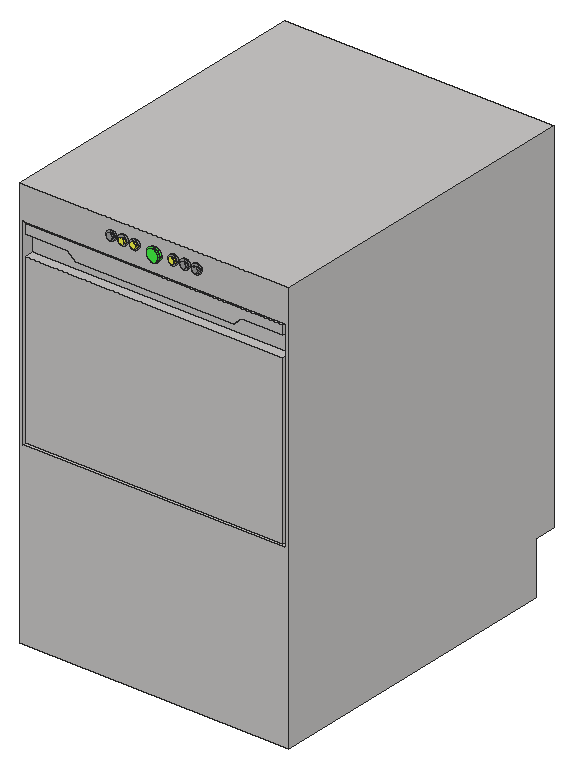
Revit family "QF_ELECTROLUXPROFESSIONAL_402320_ESDIAG3", category Specialty Equipment, Revit 2018
Family settings
  Round Connector Dimension = Use Diameter
  Part Type = Normal
  Work Plane-Based = No
  Always vertical = Yes
  Cut with Voids When Loaded = No
  Shared = No
  Room Calculation Point = No
Parameters (values of type "Standard")
  Weight = 37.00 kg
  Watts = 0 W
  Volts = 400 V
  URL Manufacturer = "http://professional.electrolux.com"
  URL = "http://professional.electrolux.com"
  Steam Supply Size = 0 mm
  Steam Supply Minimum Pressure = 0.0 Pa
  Steam Supply Maximum Pressure = 0.0 Pa
  Steam Pounds per Hour = 0
  Show Logo [instance] = yes
  Show Clearance [instance] = yes
  Refrigeration Suction Line Size = 0 mm
  Refrigeration Liquid Line Size = 0 mm
  Refrigerant Compressor Remote = yes
  Manufacturer = "Electrolux Professional"
  Phase = 3
  Model = "ESDIAG3"
  Length Actual = 460 mm  # constant formula
  Item Number = "402320"
  Hot Water Size = 0 mm
  Height Actual = 715 mm  # constant formula
  HP = "6.4 HP"
  Gas Size = 0 mm
  Gas KW = 0
  Gas Input Pressure = 0 W
  Direct Waste Size = 27 mm
  Description = "GW(S) INS. DOUBLE SKIN, WASH-SAFE, DP, DD, 30B/H,NO PLUG-400V/3N"
  Depth Actual = 565 mm  # constant formula
  Cycle = 50 Hz
  Condensate Return Size = 0 mm
  Compressed Air Volume = 0.0 L/s
  Compressed Air Size = 0 mm
  Compressed Air Pressure = 0.0 Pa
  Cold Water Size = 19.05 mm
  Accessory = yes
Reference planes
  plane 1 "Center (Front/Back)": y = 0
  plane 2: z = 0
  plane 3 "Center (Left/Right)": x = 0
  plane 4 "LEFT": x = -230
  plane 5 "RIGHT": x = 230
  plane 6 "FRONT": y = -282.5
  plane 7 "BACK": y = 282.5
  plane 8: x = -202.5
  plane 9: x = 202.5
  plane 10: z = 715
  plane 11: z = 10
Forms (mm)
  Extrusion 1, solid, material "QF_Finishes_Stainless Steel"
    sketch origin (0, 0, 0) x (1, 0, 0) y (0, 1, 0)
      loop
        line (-230, -282.5) -> (230, -282.5) -> (230, 243.5) -> (-230, 243.5) -> (-230, -282.5)
    from 10 to 715
  Extrusion 2, solid, material "QF_Finishes_Stainless Steel"
    sketch origin (0, 0, 0) x (1, 0, 0) y (0, 1, 0)
      loop
        line (-230, 243.5) -> (230, 243.5) -> (230, 282.5) -> (-230, 282.5) -> (-230, 243.5)
    from 100 to 715
  Extrusion 3, solid, material "QF_Finishes_Stainless Steel"
    sketch origin (0, 0, 0) x (1, 0, 0) y (0, 1, 0)
      loop
        circle (-202.5, 184.5) r 12.5
      loop
        circle (202.5, 184.5) r 12.5
      loop
        circle (-202.5, -235.5) r 12.5
      loop
        circle (202.5, -235.5) r 12.5
    from 0 to 10
  Extrusion 4, void
    sketch origin (-230, -282.5, 0) x (-1, 0, 0) y (0, 0, 1)
      loop
        line (-5, 658.217) -> (-455, 658.217) -> (-455, 315) -> (-5, 315) -> (-5, 658.217)
    from 0 to 30
  Extrusion 5, solid, material "QF_Finishes_Stainless Steel"
    sketch origin (-53, -392, 738) x (0, 0, -1) y (1, 0, 0)
      loop
        circle (693, 213) r 10
    from -635.5 to -674.5
  Extrusion 6, solid, material "QF_Door-Drawer Clearances", visible <- "Show Clearance", detail levels coarse
    sketch origin (-230, -282.5, 0) x (0, 1, 0) y (0, 0, -1)
      loop
        line (0, -315) -> (-315, -315)
        arc (-315, -315) -> (-223.2, -545.869) -> (0, -655) r 344.605
        line (0, -655) -> (0, -315)
    from -10 to -450
  Extrusion 7, solid, material "QF_Finishes_Stainless Steel"
    sketch origin (-242.481, -392, 738) x (0, 0, -1) y (1, 0, 0)
      loop
        circle (663, 322.481) r 8
    from -635.5 to -674.5
  Extrusion 8, solid, material "QF_Finishes_Green"
    sketch origin (234, -282.5, -28.75) x (-1, 0, 0) y (0, 0, -1)
      loop
        circle (234, -714.569) r 10
    from 0 to 5
  Extrusion 9, solid, material "QF_Finishes_Gray"
    sketch origin (234, -282.5, -24.375) x (-1, 0, 0) y (0, 0, -1)
      loop
        circle (306.936, -713.972) r 5
    from 0 to 5
  Extrusion 10, solid, material "QF_Finishes_Stainless Steel"
    sketch origin (-230, -282.5, 0) x (0, 1, 0) y (0, 0, -1)
      loop
        line (0, -319.622) -> (0, -605) -> (15, -605) -> (15, -655) -> (25, -655) -> (25, -319.622) -> (0, -319.622)
    from -10 to -450
  Extrusion 11, solid, material "QF_Finishes_Stainless Steel"
    sketch origin (-230, -282.5, 0) x (0, 1, 0) y (0, 0, -1)
      loop
        line (15, -655) -> (15, -652.514) -> (2.5, -652.514) -> (2.5, -626.25) -> (0, -626.25) -> (0, -655) -> (15, -655)
    from -10 to -450
  Extrusion 12, void
    sketch origin (-230, -282.5, 655) x (0, 0, 1) y (1, 0, 0)
      loop
        line (-15.552, 10) -> (-15.552, 81.607) -> (-28.75, 94.804) -> (-28.75, 10) -> (-15.552, 10)
      loop
        line (-15.552, 450) -> (-28.75, 450) -> (-28.75, 365.196) -> (-15.552, 378.393) -> (-15.552, 450)
    from 0 to 2.5
  Extrusion 13, solid, material "QF_Finishes_Stainless Steel"
    sketch origin (-328, -392, 738) x (0, 0, -1) y (1, 0, 0)
      loop
        circle (663, 228) r 8
    from -635.5 to -674.5
  Extrusion 14, solid, material "QF_Finishes_Green"
    sketch origin (-230, -282.5, 0) x (1, 0, 0) y (0, 0, 1)
      loop
        circle (230, 685.819) r 12
      loop
        circle (230, 685.819) r 10
    from 0 to 2.5
  Extrusion 15, solid, material "QF_Finishes_Gray"
    sketch origin (-210, -282.5, -28.75) x (1, 0, 0) y (0, 0, 1)
      loop
        circle (262.936, 718.347) r 8
      loop
        circle (262.936, 718.347) r 5
      loop
        circle (242.936, 718.347) r 8
      loop
        circle (242.936, 718.347) r 5
      loop
        circle (282.936, 718.347) r 8
      loop
        circle (282.936, 718.347) r 5
    from 0 to 2.5
  Extrusion 16, solid, material "QF_Finishes_Gray"
    sketch origin (-234, -282.5, -24.375) x (1, 0, 0) y (0, 0, 1)
      loop
        circle (286.936, 713.972) r 5
      loop
        circle (306.936, 713.972) r 5
    from 0 to 5
  Extrusion 17, solid, material "QF_Finishes_Gray"
    sketch origin (210, -282.5, -28.75) x (-1, 0, 0) y (0, 0, -1)
      loop
        circle (262.936, -718.347) r 8
      loop
        circle (262.936, -718.347) r 5
      loop
        circle (242.936, -718.347) r 8
      loop
        circle (242.936, -718.347) r 5
      loop
        circle (282.936, -718.347) r 8
      loop
        circle (282.936, -718.347) r 5
    from 0 to 2.5
  Extrusion 18, solid, material "QF_Finishes_Yellow"
    sketch origin (254, -282.5, -24.375) x (-1, 0, 0) y (0, 0, -1)
      loop
        circle (306.936, -713.972) r 5
    from 0 to 5
  Extrusion 19, solid, material "QF_Finishes_Yellow"
    sketch origin (274, -282.5, -24.375) x (-1, 0, 0) y (0, 0, -1)
      loop
        circle (306.936, -713.972) r 5
    from 0 to 5
  Extrusion 20, solid, material "QF_Finishes_Yellow"
    sketch origin (339.871, -282.5, -24.375) x (-1, 0, 0) y (0, 0, -1)
      loop
        circle (306.936, -713.972) r 5
    from 0 to 5
Cuts and joins
  Extrusion 4 cuts Extrusion 1
  joined: Extrusion 1, Extrusion 2
  Extrusion 12 cuts Extrusion 10
  Extrusion 12 cuts Extrusion 11
Lines and regions (mm)
  Split face 1
    outline origin (-230, -282.5, 715) x (0, 0, -1) y (1, 0, 0)
      loop
        line (35, 0) -> (35, 60) -> (49.142, 74.142) -> (49.142, 214.142) -> (11.456, 214.142)
        arc (11.456, 214.142) -> (9.82, 214.82) -> (9.142, 216.456) r 2.314
        line (9.142, 216.456) -> (9.142, 230) -> (9.142, 243.544)
        arc (9.142, 243.544) -> (9.82, 245.18) -> (11.456, 245.858) r 2.314
        line (11.456, 245.858) -> (49.142, 245.858) -> (49.142, 385.858) -> (35, 400) -> (35, 460)
      loop
        line (56.783, 5) -> (56.783, 0)
      loop
        line (56.783, 455) -> (56.783, 460)
  symbolic lines
    curve 1: line (-230, 282.5, 0) -> (230, 282.5, 0)
    curve 2: line (-230, -282.5, 0) -> (-230, 282.5, 0)
    curve 3: line (230, -282.5, 0) -> (-230, -282.5, 0)
    curve 4: line (230, 282.5, 0) -> (230, -282.5, 0)
    curve 9: line (-80.94, -285, 0) -> (-80.94, -282.5, 0)
    curve 10: line (-64.948, -285, 0) -> (-64.948, -282.5, 0)
    curve 11: line (-77.926, -287.5, 0) -> (-67.936, -287.5, 0)
    curve 12: line (-67.936, -287.5, 0) -> (-67.936, -285, 0)
    curve 13: line (-77.926, -287.5, 0) -> (-77.926, -285, 0)
    curve 14: line (-60.936, -285, 0) -> (-44.936, -285, 0)
    curve 15: line (-44.936, -285, 0) -> (-44.936, -282.5, 0)
    curve 16: line (-60.936, -285, 0) -> (-60.936, -282.5, 0)
    curve 17: line (-57.936, -287.5, 0) -> (-47.936, -287.5, 0)
    curve 18: line (-47.936, -287.5, 0) -> (-47.936, -285, 0)
    curve 19: line (-57.936, -287.5, 0) -> (-57.936, -285, 0)
    curve 20: line (-40.936, -285, 0) -> (-24.936, -285, 0)
    curve 21: line (-24.936, -285, 0) -> (-24.936, -282.5, 0)
    curve 22: line (-40.936, -285, 0) -> (-40.936, -282.5, 0)
    curve 23: line (-37.936, -287.5, 0) -> (-27.936, -287.5, 0)
    curve 24: line (-27.936, -287.5, 0) -> (-27.936, -285, 0)
    curve 25: line (-37.936, -287.5, 0) -> (-37.936, -285, 0)
    curve 26: line (24.936, -285, 0) -> (40.936, -285, 0)
    curve 27: line (40.936, -285, 0) -> (40.936, -282.5, 0)
    curve 28: line (27.936, -287.5, 0) -> (37.936, -287.5, 0)
    curve 29: line (37.936, -287.5, 0) -> (37.936, -285, 0)
    curve 30: line (27.936, -287.5, 0) -> (27.936, -285, 0)
    curve 31: line (24.936, -285, 0) -> (24.936, -282.5, 0)
    curve 32: line (-12, -285, 0) -> (12, -285, 0)
    curve 33: line (12, -285, 0) -> (12, -282.5, 0)
    curve 34: line (-12, -285, 0) -> (-12, -282.5, 0)
    curve 35: line (-10, -287.5, 0) -> (10, -287.5, 0)
    curve 36: line (10, -287.5, 0) -> (10, -285, 0)
    curve 37: line (-10, -287.5, 0) -> (-10, -285, 0)
    curve 39: line (44.936, -285, 0) -> (60.936, -285, 0)
    curve 40: line (60.936, -285, 0) -> (60.936, -282.5, 0)
    curve 41: line (47.936, -287.5, 0) -> (57.936, -287.5, 0)
    curve 42: line (57.936, -287.5, 0) -> (57.936, -285, 0)
    curve 43: line (47.936, -287.5, 0) -> (47.936, -285, 0)
    curve 44: line (44.936, -285, 0) -> (44.936, -282.5, 0)
    curve 45: line (64.936, -285, 0) -> (80.936, -285, 0)
    curve 46: line (80.936, -285, 0) -> (80.936, -282.5, 0)
    curve 47: line (67.936, -287.5, 0) -> (77.936, -287.5, 0)
    curve 48: line (77.936, -287.5, 0) -> (77.936, -285, 0)
    curve 49: line (67.936, -287.5, 0) -> (67.936, -285, 0)
    curve 50: line (64.936, -285, 0) -> (64.936, -282.5, 0)
  symbolic lines, style "QF_Door-Drawer Clearances"
    curve 5: line (-220, -597.5, 0) -> (220, -597.5, 0)
    curve 6: line (220, -597.5, 0) -> (220, -282.5, 0)
    curve 7: line (-220, -597.5, 0) -> (-220, -282.5, 0)
  symbolic lines, style "SpecialityEquipment"
    curve 8: line (-80.94, -285, 0) -> (-64.948, -285, 0)
  symbolic lines, style "SpecialityEquipmentHiddenLines"
    curve 38: line (-230, 243.5, 0) -> (230, 243.5, 0)
Dimensions and locks
  equal spacing: plane 4 "LEFT", plane 3 "Center (Left/Right)", plane 5 "RIGHT"
  equal spacing: plane 7 "BACK", plane 1 "Center (Front/Back)", plane 6 "FRONT"
  plane 7 "BACK" to plane 6 "FRONT" = 565 mm
  plane 4 "LEFT" to plane 5 "RIGHT" = 460 mm
  plane 4 "LEFT" to plane 8 = 27.5 mm
  plane 9 to plane 5 "RIGHT" = 27.5 mm
  locked: plane 11 to level at 10
  plane 4 "LEFT" to plane 3 "Center (Left/Right)" = 230 mm
  plane 10 to level = 715 mm  (x2)
  plane 8 to plane 9 = 405 mm
  level to Extrusion 13 sketch curve = 75 mm
  Extrusion 13 sketch curve to plane 4 "LEFT" = 130 mm
  level to Extrusion 5 sketch curve = 45 mm
  Extrusion 5 sketch curve to plane 4 "LEFT" = 390 mm
  Extrusion 7 sketch curve to plane 4 "LEFT" = 310 mm
  level to Extrusion 7 sketch curve = 75 mm
  locked: Extrusion 3 to cut or joined group of Extrusion 1, Extrusion 2, Extrusion 4 at 98
  Extrusion 3 to Extrusion 3 = 420 mm
  locked: plane 6 "FRONT" to Extrusion 3 at 47
  plane 9 to plane 8 = 405 mm
  plane 7 "BACK" to curve 5 = 880 mm
  cut or joined group of Extrusion 10, Extrusion 12 to cut or joined group of Extrusion 1, Extrusion 2, Extrusion 4 = 290 mm
  aligned and locked: level to plane 2
  aligned and locked: Extrusion 1 sketch curve to plane 6 "FRONT"
  aligned and locked: Extrusion 1 sketch curve to plane 4 "LEFT"
  aligned and locked: plane 5 "RIGHT" to Extrusion 1 sketch curve
  aligned and locked: Extrusion 1 to plane 11
  aligned and locked: Extrusion 2 sketch curve to Extrusion 1  (x2)
  aligned and locked: plane 7 "BACK" to Extrusion 2 sketch curve
  aligned and locked: plane 5 "RIGHT" to Extrusion 2 sketch curve
  aligned and locked: plane 11 to Extrusion 3
  aligned and locked: Extrusion 2 to Extrusion 5
  aligned and locked: Extrusion 2 to Extrusion 7
  aligned and locked: plane 7 "BACK" to Extrusion 7
  aligned and locked: plane 7 "BACK" to Extrusion 5
  aligned and locked: cut or joined group of Extrusion 11, Extrusion 12 to Extrusion 12
  aligned and locked: plane 10 to Extrusion 2
Automatic sketch dimensions
  curve 1 to plane 4 "LEFT" = 0 mm
  curve 7 to plane 6 "FRONT" = 0 mm
  curve 4 to plane 5 "RIGHT" = 0 mm
  curve 2 to plane 7 "BACK" = 0 mm
  plane 4 "LEFT" to curve 5 = 10 mm
  curve 8 to plane 6 "FRONT" = 2.5 mm
  curve 8 to plane 3 "Center (Left/Right)" = 80.94 mm
  curve 8 to curve 11 = 3.013 mm
  curve 11 to curve 11 = 9.991 mm
  curve 12 to curve 10 = 2.987 mm
  curve 8 to curve 16 = 4.013 mm
  curve 14 to curve 19 = 3 mm
  curve 17 to plane 6 "FRONT" = 5 mm
  curve 17 to curve 17 = 10 mm
  curve 18 to curve 14 = 3 mm
  curve 14 to curve 20 = 4 mm
  curve 20 to curve 25 = 3 mm
  curve 24 to plane 6 "FRONT" = 5 mm
  curve 23 to curve 24 = 10 mm
  curve 24 to curve 21 = 3 mm
  curve 34 to plane 6 "FRONT" = 2.5 mm
  curve 34 to plane 3 "Center (Left/Right)" = 12 mm
  curve 32 to curve 37 = 2 mm
  plane 3 "Center (Left/Right)" to curve 36 = 10 mm
  curve 36 to curve 33 = 2 mm
  curve 26 to plane 6 "FRONT" = 2.5 mm
  curve 32 to curve 26 = 12.936 mm
  curve 26 to curve 30 = 3 mm
  curve 28 to plane 6 "FRONT" = 5 mm
  curve 28 to curve 28 = 10 mm
  curve 29 to curve 27 = 3 mm
  curve 26 to curve 44 = 4 mm
  curve 39 to curve 43 = 3 mm
  curve 41 to plane 6 "FRONT" = 5 mm
  curve 41 to curve 41 = 10 mm
  curve 42 to curve 39 = 3 mm
  curve 39 to curve 50 = 4 mm
  curve 45 to curve 47 = 3 mm
  curve 47 to plane 6 "FRONT" = 5 mm
  curve 47 to curve 47 = 10 mm
  curve 48 to curve 45 = 3 mm
  curve 6 to plane 5 "RIGHT" = 10 mm
  curve 35 to curve 36 = 2.5 mm
  curve 11 to curve 13 = 2.5 mm
  curve 15 to plane 6 "FRONT" = 2.5 mm
  curve 20 to plane 6 "FRONT" = 2.5 mm
  curve 40 to plane 6 "FRONT" = 2.5 mm
  curve 45 to plane 6 "FRONT" = 2.5 mm
  curve 38 to plane 7 "BACK" = 39 mm
  Extrusion 1 sketch curve to plane 7 "BACK" = 39 mm
  Extrusion 3 sketch curve to plane 8 = 0 mm  (x2)
  Extrusion 3 sketch curve to plane 9 = 0 mm  (x2)
  plane 6 "FRONT" to Extrusion 3 sketch curve = 47 mm  (x2)
  Extrusion 3 sketch curve to plane 7 "BACK" = 98 mm  (x2)
  Extrusion 4 sketch curve to Extrusion 1 = 5 mm  (x2)
  Extrusion 4 sketch curve to Extrusion 1 = 305 mm
  Extrusion 4 sketch curve to Extrusion 1 = 56.783 mm
  Extrusion 6 sketch curve to plane 6 "FRONT" = 0 mm
  Extrusion 6 sketch curve to plane 6 "FRONT" = 315 mm
  plane 6 "FRONT" to Extrusion 6 sketch curve = 29.589 mm
  Extrusion 6 sketch curve to plane 10 = 60 mm
  plane 11 to Extrusion 6 sketch curve = 305 mm
  Extrusion 8 sketch curve to Extrusion 8 sketch curve = 0 mm  (x2)
  Extrusion 8 sketch curve to plane 3 "Center (Left/Right)" = 0 mm
  Extrusion 8 sketch curve to plane 10 = 29.181 mm
  plane 3 "Center (Left/Right)" to Extrusion 8 sketch curve = 10 mm
  Extrusion 9 sketch curve to Extrusion 9 sketch curve = 0 mm  (x2)
  Extrusion 9 sketch curve to plane 10 = 25.403 mm
  Extrusion 9 sketch curve to plane 3 "Center (Left/Right)" = 72.936 mm
  Extrusion 9 sketch curve to Extrusion 9 sketch curve = 5 mm
  Extrusion 10 sketch curve to plane 6 "FRONT" = 0 mm
  plane 6 "FRONT" to Extrusion 10 sketch curve = 15 mm
  Extrusion 10 sketch curve to Extrusion 10 sketch curve = 25 mm
  Extrusion 10 sketch curve to plane 10 = 60 mm
  Extrusion 10 sketch curve to Extrusion 10 sketch curve = 50 mm
  Extrusion 10 sketch curve to Extrusion 10 sketch curve = 285.378 mm
  Extrusion 11 sketch curve to plane 6 "FRONT" = 0 mm
  Extrusion 11 sketch curve to Extrusion 11 sketch curve = 2.5 mm
  Extrusion 11 sketch curve to Extrusion 11 sketch curve = 12.5 mm
  Extrusion 11 sketch curve to plane 10 = 60 mm
  Extrusion 11 sketch curve to Extrusion 11 sketch curve = 2.486 mm
  Extrusion 11 sketch curve to Extrusion 11 sketch curve = 26.264 mm
  Extrusion 12 sketch curve to Extrusion 11 = 0 mm  (x3)
  Extrusion 11 to Extrusion 12 sketch curve = 0 mm
  Extrusion 12 sketch curve to Extrusion 11 = 13.198 mm  (x2)
  Extrusion 12 sketch curve to Extrusion 11 = 71.607 mm
  Extrusion 12 sketch curve to Extrusion 12 sketch curve = 13.198 mm  (x2)
  Extrusion 12 sketch curve to Extrusion 11 = 84.804 mm
  Extrusion 14 sketch curve to Extrusion 14 sketch curve = 0 mm  (x2)
  Extrusion 1 to Extrusion 14 sketch curve = 29.181 mm
  Extrusion 1 to Extrusion 14 sketch curve = 230 mm
  Extrusion 15 sketch curve to Extrusion 15 sketch curve = 0 mm  (x8)
  plane 3 "Center (Left/Right)" to Extrusion 15 sketch curve = 32.936 mm
  Extrusion 15 sketch curve to Extrusion 15 sketch curve = 20 mm  (x2)
  Extrusion 15 sketch curve to plane 10 = 25.403 mm
  Extrusion 16 sketch curve to Extrusion 16 sketch curve = 0 mm  (x5)
  Extrusion 16 sketch curve to plane 10 = 25.403 mm
  plane 3 "Center (Left/Right)" to Extrusion 16 sketch curve = 52.936 mm
  Extrusion 16 sketch curve to Extrusion 16 sketch curve = 20 mm
  Extrusion 16 sketch curve to Extrusion 16 sketch curve = 5 mm  (x2)
  Split face 1 sketch curve to cut or joined group of Extrusion 1, Extrusion 2, Extrusion 4 = 0 mm  (x6)
  cut or joined group of Extrusion 1, Extrusion 2, Extrusion 4 to Split face 1 sketch curve = 0 mm  (x2)
  cut or joined group of Extrusion 1, Extrusion 2, Extrusion 4 to Split face 1 sketch curve = 7.641 mm  (x2)
  Split face 1 sketch curve to Split face 1 sketch curve = 14.142 mm  (x4)
  Split face 1 sketch curve to cut or joined group of Extrusion 1, Extrusion 2, Extrusion 4 = 11.456 mm  (x2)
  Split face 1 sketch curve to cut or joined group of Extrusion 1, Extrusion 2, Extrusion 4 = 9.142 mm
  Split face 1 sketch curve to cut or joined group of Extrusion 1, Extrusion 2, Extrusion 4 = 55 mm
  Split face 1 sketch curve to Split face 1 sketch curve = 140 mm
  Split face 1 sketch curve to Split face 1 sketch curve = 13.544 mm  (x2)
  Split face 1 sketch curve to cut or joined group of Extrusion 1, Extrusion 2, Extrusion 4 = 69.142 mm
  Extrusion 17 sketch curve to Extrusion 17 sketch curve = 0 mm  (x8)
  Extrusion 17 sketch curve to plane 3 "Center (Left/Right)" = 32.936 mm
  Extrusion 17 sketch curve to Extrusion 17 sketch curve = 20 mm  (x2)
  Extrusion 17 sketch curve to plane 10 = 25.403 mm
  Extrusion 18 sketch curve to Extrusion 18 sketch curve = 0 mm  (x2)
  Extrusion 18 sketch curve to plane 10 = 25.403 mm
  Extrusion 18 sketch curve to plane 3 "Center (Left/Right)" = 52.936 mm
  Extrusion 18 sketch curve to Extrusion 18 sketch curve = 5 mm
  Extrusion 19 sketch curve to Extrusion 19 sketch curve = 0 mm  (x2)
  Extrusion 19 sketch curve to plane 3 "Center (Left/Right)" = 32.936 mm
  Extrusion 19 sketch curve to plane 10 = 25.403 mm
  Extrusion 19 sketch curve to Extrusion 19 sketch curve = 5 mm
  Extrusion 20 sketch curve to Extrusion 20 sketch curve = 0 mm  (x2)
  plane 3 "Center (Left/Right)" to Extrusion 20 sketch curve = 32.936 mm
  Extrusion 20 sketch curve to plane 10 = 25.403 mm
  Extrusion 20 sketch curve to Extrusion 20 sketch curve = 5 mm
  radius of Extrusion 5 sketch curve = 10 mm
  radius of Extrusion 7 sketch curve = 8 mm
  radius of Extrusion 13 sketch curve = 8 mm
  radius of Extrusion 3 sketch curve = 12.5 mm  (x4)
  radius of Extrusion 14 sketch curve = 12 mm
  radius of Extrusion 14 sketch curve = 10 mm
  radius of Extrusion 15 sketch curve = 8 mm  (x3)
  radius of Extrusion 15 sketch curve = 5 mm  (x3)
  radius of Extrusion 17 sketch curve = 8 mm  (x3)
  radius of Extrusion 17 sketch curve = 5 mm  (x3)
Connectors
  piping at (160, 282.5, 45), diameter 20
    settings: on Extrusion 5, index 1, connector inside diameter 609.6 mm, connector length 0 mm, flow factor 0, pipe flow 0.0 L/s, pressure drop 0.0 Pa, fitting loss kfactor 0, connector angle 0.00°, fixture units 0, engagement length 0 mm, angle of deflection 0.00°, flow configuration 1, flow direction 1, fitting loss method 0, system type 16, joint type 0, gender type 0, connector reference index -1, connector utility 0, adjustable connector no, is connector primary yes, connector description "Drain"
  piping at (80, 282.5, 75), diameter 19.05, driven by "Cold Water Size"
    settings: on Extrusion 7, index 3, connector inside diameter 609.6 mm, connector length 0 mm, flow factor 0, pipe flow 0.0 L/s, pressure drop 0.0 Pa, fitting loss kfactor 0, connector angle 0.00°, fixture units 0, engagement length 0 mm, angle of deflection 0.00°, flow configuration 1, flow direction 1, fitting loss method 0, system type 20, joint type 0, gender type 0, connector reference index -1, connector utility 0, adjustable connector no, is connector primary no, connector description "Cold Water Inlet"
  electrical at (-100, 282.5, 75), driven by "Volts"
    settings: on Extrusion 13, index 4, voltage 400 V, apparent load 0 VA, apparent load phase1 0 VA, apparent load phase2 0 VA, apparent load phase3 0 VA, power factor 1, load classification "Altro", number of poles 1, system type 31, power factor state 1, is connector primary yes, connector utility no, sub classification motor no, connector description "Electrical Connection"
